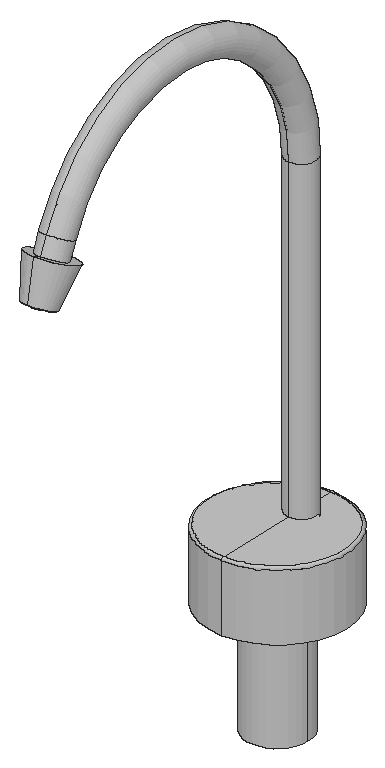
Revit family "Plumbing-Fix_Faucet_Stern_Cool-Gooseneck", category Plumbing Fixtures, host Face, Revit 2026
Family settings
  Host = Face
  Round Connector Dimension = Use Diameter
  Part Type = Normal
  Classification Number = 23.45.55.14
  Enable Cutting in Views = No
  Cut with Voids When Loaded = No
  Maintain Annotation Orientation = No
  Shared = No
  Room Calculation Point = No
Parameters (values of type "Battery Pack")
  Waste Connection = no
  Warranty Duration (Years) = 2
  WFU = 0
  Vent Connection = no
  Unit Width = 0' - 1 3/4"
  Unit Height = 0' - 7 1/8"
  URL = "http://www.sternfaucets.com/"
  Type Comments = "as Specified"
  Standards Conformance = "Lead Free  ;  cUPC  ;  NSF/ANSI 61 Section 9"
  Spout Reach = 0' - 3 3/4"
  Spout Height = 0' - 5"
  Specification = ""
  SpecWizard = ""
  Sales Information = "http://www.sternfaucets.com/contact-us/contact-us-int-l.html"
  Revision = "R1_2018-04"
  Product Properties = ""
  Product Features = "Security Shut Off Timer"
  Product Data = "http://www.arcat.com/arcatcos/cos50/arc50092.html"
  Power Supply = "9V Battery"
  Piping_Inlet Diameter = 1/2"
  Piping_Flow = 0.5 GPM
  Operating Temperature Range = "Up to 149 F / 65 C"
  Operating Pressure Range = "7.26 - 116 PSI  ;  0.5 - 8 bar"
  Model = "Cool GB"
  Manufacturer Website = "http://www.sternfaucets.com/"
  Manufacturer Phone - Toll Free = "800-436-4410"
  Manufacturer Phone = ""
  Manufacturer Fax = ""
  Manufacturer Address = "777 Passaic Ave.  Clifton, NJ 07012"
  Manufacturer = "Stern Engineering"
  Maintenance Schedule (Months) = 0
  Keynote = "22 40 00"
  Installation Phase = ""
  HWFU = 1
  HW Connection = yes
  Green Building-LEED = ""
  Fixture Finish [instance] = Finish - Stern - Chrome
  Expected Lifespan (Years) = 0
  Drawn By = "Sumex Design, Inc. / Robert S. Weygant, CSI, CDT, SCIP"
  Description = "Stern Deck Mounted Faucet - Cool GB as Specified"
  Default Elevation = 0' - 0"
  Cost = 0
  Copyright = "©Arcat Inc."
  Construction Details = ""
  CWFU = 1
  CW Connection = yes
  Body Construction = "Brass"
  Available Options = "as Specified"
  Assembly Code = "D2010300"
  Accent Color [instance] = Finish - Stern - Black
Types (2): name | Power Supply | Model | Description
  Battery Pack | "9V Battery" | "Cool GB" | "Stern Deck Mounted Faucet - Cool GB as Specified"
  Transformer | "9V Transformer" | "Cool GE" | "Stern Deck Mounted Faucet - Cool GE as Specified"
Reference planes (in)
  plane 1 "Center (Front/Back)": y = 0
  plane 2: z = 0
  plane 3 "Center (Left/Right)": x = 0
  plane 4: z = 5
  plane 5: y = -3.75
Forms (in)
  Extrusion 1, void
    sketch origin (0, 0, 0) x (1, 0, 0) y (0, 1, 0)
      loop
        circle (0, 0) r 0.625
    from 0 to -8
  Extrusion 2, solid, material "Finish - Stern - Chrome" <- "Fixture Finish"
    sketch origin (0, 0, 0) x (1, 0, 0) y (0, 1, 0)
      loop
        circle (0, 0) r 0.39132
    from 0 to -1.44157
  Revolve 3, solid, material "Finish - Stern - Chrome" <- "Fixture Finish"
    sketch origin (0, 0, 0) x (0, 1, 0) y (0, 0, 1)
      loop
        line (0, 0) -> (0.875, 0) -> (0.875, 0.84375)
        arc (0.875, 0.84375) -> (0.86585, 0.86585) -> (0.84375, 0.875) r 0.03125
        line (0.84375, 0.875) -> (0, 0.875) -> (0, 0)
      axis (0, 0.875) -> (0, 0)
    angle from 0 to 360
  Sweep 4, solid, material "Finish - Stern - Chrome" <- "Fixture Finish"
    path origin (0, 0, 0) x (0, 1, 0) y (0, 0, 1)
      loop
        line (0.375, 0.50242) -> (0.375, 4.88758)
        arc (0.375, 4.88758) -> (-1.22626, 6.84743) -> (-3.46601, 5.66904) r 2
        line (-3.46601, 5.66904) -> (-3.75457, 4.98924)
    profile origin (0, 0.375, 2.695) x (0, -1, 0) y (1, 0, 0)
      loop
        circle (0, 0) r 0.1875
  Revolve 5, solid, material "Finish - Stern - Chrome" <- "Fixture Finish"
    sketch origin (0, 0, 0) x (0, 1, 0) y (0, 0, 1)
      loop
        line (-3.75, 5) -> (-3.55463, 5.46025) -> (-3.84027, 5.5815) -> (-3.93553, 5.07875) -> (-3.75, 5)
      axis (-3.75, 5) -> (-3.55463, 5.46025)
    angle from 0 to 360
Cuts and joins
  joined: Sweep 4, Revolve 5
Dimensions and locks (in)
  "Spout Height": plane 4 to level
  plane 5 to plane 1 "Center (Front/Back)" = 0' - 3 3/4"
  aligned and locked: plane 2 to host face
  aligned and locked: level to host face
Automatic sketch dimensions
  host sketch curve to host sketch curve = 8' - 0"  (x2)
  plane 1 "Center (Front/Back)" to Extrusion 1 sketch curve = 0' - 0"
  Extrusion 1 sketch curve to plane 3 "Center (Left/Right)" = 0' - 0"
  plane 1 "Center (Front/Back)" to Extrusion 2 sketch curve = 0' - 0"
  Extrusion 2 sketch curve to plane 3 "Center (Left/Right)" = 0' - 0"
  Revolve 3 sketch curve to plane 1 "Center (Front/Back)" = 0' - 0"  (x2)
  Revolve 3 sketch curve to level = 0' - 0"
  Revolve 3 sketch curve to plane 1 "Center (Front/Back)" = 0' - 0 27/32"
  level to Revolve 3 sketch curve = 0' - 0 27/32"
  Revolve 3 sketch curve to Revolve 3 sketch curve = 0' - 0 1/32"
  Revolve 3 sketch curve to level = 0' - 2 7/8"
  Revolve 3 sketch curve to plane 4 = 0' - 2 1/2"
  Sweep 4 sketch curve to plane 3 "Center (Left/Right)" = 0' - 0"
  Sweep 4 sketch curve to profile plane = 0' - 0"
  plane 5 to Sweep 4 sketch curve = 0' - 0.28399"
  Sweep 4 sketch curve to plane 4 = 0' - 0.11242"
  plane 1 "Center (Front/Back)" to Sweep 4 sketch curve = 0' - 1 5/8"
  Sweep 4 sketch curve to plane 1 "Center (Front/Back)" = 0' - 0 3/8"
  Sweep 4 sketch curve to plane 5 = 0' - 0.00457"
  level to Sweep 4 sketch curve = 0' - 0.50242"
  Sweep 4 sketch curve to plane 4 = 0' - 0.01076"
  Revolve 5 sketch curve to plane 4 = 0' - 0"  (x2)
  Revolve 5 sketch curve to plane 5 = 0' - 0"  (x2)
  plane 5 to Revolve 5 sketch curve = 0' - 0.19537"
  Revolve 5 sketch curve to plane 5 = 0' - 0.09027"
  Revolve 5 sketch curve to plane 5 = 0' - 0.18553"
  plane 4 to Revolve 5 sketch curve = 0' - 0.07875"
  Revolve 5 sketch curve to Revolve 5 sketch curve = 0' - 0.05224"
  Revolve 5 sketch curve to Revolve 5 sketch curve = 0' - 0.12308"
  radius of Extrusion 1 sketch curve = 0' - 0 5/8"
  radius of Extrusion 2 sketch curve = 0' - 0.39132"
  radius of Sweep 4 sketch curve = 0' - 0 3/16"
Connectors (in)
  piping at (0, 0, -1.44157), diameter 0.5, driven by "Piping_Flow", driven by "Piping_Inlet Diameter"
    settings: on Extrusion 2, index 2, connector inside diameter 24", connector length 0' - 0", flow factor 0, pipe flow 0.5 GPM, pressure drop 0.00 psi, fitting loss kfactor 0, connector angle 0.00°, fixture units 0, engagement length 0' - 0", angle of deflection 0.00°, flow configuration 0, flow direction 1, fitting loss method 0, system type 22, joint type 0, gender type 0, connector reference index -1, connector utility 0, adjustable connector no, is connector primary yes, connector description "Tempered Inlet"
  electrical at (0, 0, 0)
    settings: on Revolve 3, index 4, voltage 0 V, apparent load 0 VA, apparent load phase1 0 VA, apparent load phase2 0 VA, apparent load phase3 0 VA, power factor 1, load classification "Other", number of poles 1, system type 13, power factor state 1, is connector primary yes, connector utility no, sub classification motor no, connector description ""
